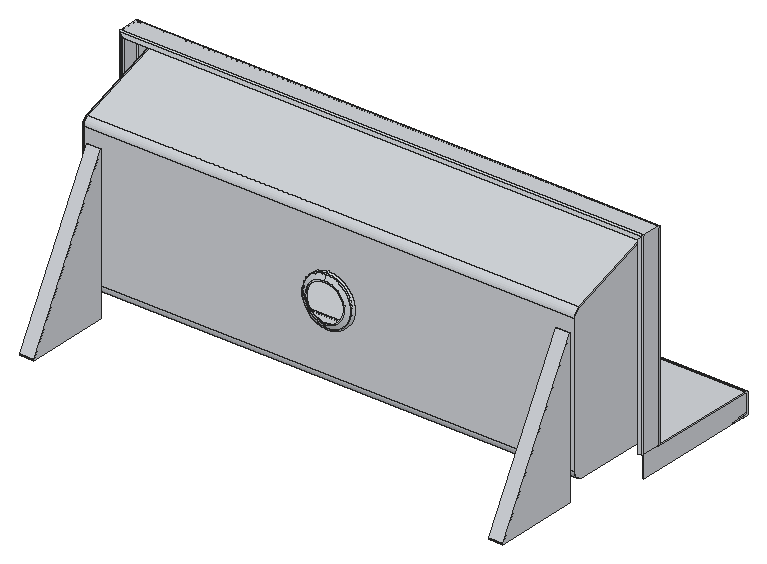
Revit family "Wall_Hung _Multiple_Station_Hand_Wash_Sink-Elkay-EWMA4820_2_4", category Plumbing Fixtures, host Face, Revit 2022
Family settings
  Host = Face
  Round Connector Dimension = Use Diameter
  Part Type = Normal
  OmniClass Number = 23.45.05.14.14
  OmniClass Title = Sinks/Lavatories
  Cut with Voids When Loaded = No
  Maintain Annotation Orientation = No
  Shared = No
  Room Calculation Point = No
Parameters (values of type "EWMA48202(Wall Hung Multiple Station 2-Hole Sink)")
  URL = "https://www.elkay.com/us/en.html"
  Sink Width = (Back splash width + Bowl Width + Front rim)  # 20.00"
  Sink Length = (Bowl length + Rim * 2)  # 48.00"
  Sink Dimensions = "48 inch x 20 inch x 18 inch"  # constant formula
  Sink Depth = 18.00"
  Rim = 1.50"
  Repair Parts URL = "https://www.elkayfiles.com/care-cleaning-install-warranty-sheets/2000000714.pdf"
  Product data URL = "https://www.bimobject.com/en/elkay/product/EWMA48202"
  Product Weight (lbs) = 75
  Product Page URL = "https://www.elkay.com/products/details/EWMA48202"
  Product Installation Sheet URL = "https://www.elkayfiles.com/care-cleaning-install-warranty-sheets/2000000714.pdf"
  Product Documentation Link = "https://www.elkayfiles.com/spec-sheets/ewma48202_spec.pdf"
  Outlet Connection Size (inch) = 1.50"
  No of Bowls = 1  # constant formula
  Modified Date = ""
  Model = "EWMA48202"
  Manufacturer Brand = "Elkay (by Zurn Elkay Water Solutions)"  # constant formula
  Manufacturer = "Elkay Manufacturer Company"  # constant formula
  Main Material = Finish-Elkay-Stainless Steel
  Installation type = "Wall Hung"  # constant formula
  Guage = "14"  # constant formula
  Front rim = 1.50"
  Drain Size = "3 1/2 inch"
  Drain Location along y-axis = 6.88"
  Drain Location along x-axis = 22.50"
  Drain Location = "Center"  # constant formula
  Distance b/w 2 Holes = 16.00"
  Description = "Stainless Steel 48 inch x 20 inch x 18 inch 2-Hole Wall Hung Multiple Station Hand Wash Sink"
  Default Elevation = 48.00"
  Date Created = "07-15-2025"  # constant formula
  CL of Hole = 3.50"
  C/C distance of holes = 32.00"
  Bowl Width = 16.50"
  Bowl length = 45.00"
  Bowl  Dimensions = "45 inch x 16 1/2 inch x 8 inch"  # constant formula
  Back splash width = 2.00"
  Back splash Height = 10.00"
  Assembly Code = "D2010400"
  Approx. Shipping Weight (lbs) = 76
  4 Holes = no
  2 Holes = yes
Types (3): name | Product data URL | Product Page URL | Product Documentation Link | Model | Drain Size | Description | 4 Holes
  (no name) | "https://www.bimobject.com/en/elkay/product/EWMA48202" | "https://www.elkay.com/products/details/EWMA48202" | "https://www.elkayfiles.com/spec-sheets/ewma48202_spec.pdf" | "EWMA48202" | "3 1/2 inch" | "Stainless Steel 48 inch x 20 inch x 18 inch 2-Hole Wall Hung Multiple Station Hand Wash Sink" | no
  EWMA48202(Wall Hung Multiple Station 2-Hole Sink) | "https://www.bimobject.com/en/elkay/product/EWMA48202" | "https://www.elkay.com/products/details/EWMA48202" | "https://www.elkayfiles.com/spec-sheets/ewma48202_spec.pdf" | "EWMA48202" | "3 1/2 inch" | "Stainless Steel 48 inch x 20 inch x 18 inch 2-Hole Wall Hung Multiple Station Hand Wash Sink" | no
  EWMA48204(Wall Hung Multiple Station 4-Hole Sink) | "https://www.bimobject.com/en/elkay/product/EWMA48204" | "https://www.elkay.com/products/details/EWMA48204" | "https://www.elkayfiles.com/spec-sheets/ewma48204_spec.pdf" | "EWMA48204" | "3 1/2" | "Stainless Steel 48 inch x 20 inch x 18 inch 4-Hole Wall Hung Multiple Station Hand Wash Sink" | yes
Reference planes (in)
  plane 1 "Center (Front/Back)": y = 0
  plane 2: z = 0
  plane 3 "Center (Left/Right)": x = 0
  plane 4: x = -24
  plane 5: x = 24
  plane 6: z = 20
  plane 7: y = 14.575
  plane 8: z = 8.88
  plane 9: z = 18.5
  plane 10: z = 2
  plane 11: x = -22.5
  plane 12: x = 22.5
Lines and regions (in)
  Masking region 1
    outline origin (0, 0, 0) x (1, 0, 0) y (0, 0, 1)
      loop
        line (-24, 20) -> (-24, 0) -> (24, 0) -> (24, 20) -> (-24, 20)
  Masking region 2, detail levels fine
    outline origin (0, 0, 0) x (1, 0, 0) y (0, 0, 1)
      loop
        line (-22.5, 18.5) -> (-22.5, 2) -> (22.5, 2) -> (22.5, 18.5) -> (-22.5, 18.5)
      loop
        circle (0, 8.88) r 1.75
Dimensions and locks (in)
  equal spacing: plane 5, plane 3 "Center (Left/Right)", plane 4
  "Back splash width": plane 10 to level
  "Bowl Width": plane 9 to plane 10
  plane 9 to plane 8 to plane 10 = 9.62", 6.88"
  equal spacing: plane 12, plane 3 "Center (Left/Right)", plane 11
  "Bowl length": plane 12 to plane 11
  "Drain Location along y-axis": plane 8 to plane 10
  "Front rim": plane 6 to plane 9
  "Rim": plane 11 to plane 4
  plane 12 to plane 5 = 1.50"
  aligned and locked: plane 2 to host face
  aligned and locked: level to host face
  aligned and locked: plane 3 "Center (Left/Right)" to nested 1
  aligned and locked: nested 1 to plane 8
  aligned and locked: plane 1 "Center (Front/Back)" to nested 1
  aligned and locked: Masking region 1 sketch curve to plane 6
  aligned and locked: plane 4 to Masking region 1 sketch curve
  aligned and locked: level to Masking region 1 sketch curve
  aligned and locked: Masking region 1 sketch curve to plane 5
  aligned and locked: Masking region 2 sketch curve to plane 9
  aligned and locked: plane 11 to Masking region 2 sketch curve
  aligned and locked: plane 10 to Masking region 2 sketch curve
  aligned and locked: Masking region 2 sketch curve to plane 12
  aligned and locked: plane 8 to Masking region 2 sketch curve
  aligned and locked: plane 3 "Center (Left/Right)" to Masking region 2 sketch curve
Automatic sketch dimensions
  host sketch curve to host sketch curve = 96.00"  (x2)
  radius of Masking region 2 sketch curve = 1.75"
Nested families (in)
  nested 1: "EWMA4820" at (0, -15.75, 10) x (1, 0, 0) z (0, 1, 0), Sink Length <- "Sink Length", Sink Width <- "Sink Width", Bowl length <- "Bowl length", Bowl Width <- "Bowl Width", Back splash width <- "Back splash width", Back splash Height <- "Back splash Height", CL of Hole <- "CL of Hole", Drain location along y axis <- "Drain Location along y-axis", Front rim <- "Front rim", c/c distance of holes <- "C/C distance of holes", distance between 2 holes <- "Distance b/w 2 Holes", Rim <- "Rim", Drain location along x axis <- "Drain Location along x-axis", 2 Holes <- "2 Holes", 4 Holes <- "4 Holes", Sink depth <- "Sink Depth", type "EWMA4820"
    with distance between 2 holes 16.00", c/c distance of holes 32.00", Stainless Steel Metal - Steel - Stainless - Chrome, Sink depth 18.00", Sink Width 20.00", Sink Length 48.00", Rim 1.50", Front rim 1.50", Drain location along y axis 6.88", Drain location along x axis 22.50", Center Hole no, CL of Hole 3.50", Bowl length 45.00", Bowl Width 16.50", Back splash width 2.00", Back splash Height 10.00", Angle for  Bowl 71.0296°, 4 Holes no, 2 Holes yes
Connectors (in)
  piping at (0, -8.3873, 8.88), diameter 1.5, driven by "Outlet Connection Size (inch)"
    settings: on nested 1, index 1, connector inside diameter 24", connector length 0.00", flow factor 0, pipe flow 0 GPM, pressure drop 0.00 psi, fitting loss kfactor 0, connector angle 0.00°, fixture units 0, engagement length 0.00", angle of deflection 0.00°, flow configuration 0, flow direction 2, fitting loss method 0, system type 16, joint type 0, gender type 0, connector reference index -1, connector utility 0, adjustable connector no, is connector primary yes, connector description "Sanitary Outlet"
Definition of nested family "EWMA4820"
  Parameters (values of type "EWMA4820")
    distance between 2 holes [instance] = 16.00"
    c/c distance of holes [instance] = 32.00"
    Sink depth [instance] = 18.00"
    Sink Width [instance] = 20.00"
    Sink Length [instance] = 48.00"
    Rim [instance] = 1.50"
    URL = ""
    Type Comments = ""
    Stainless Steel [instance] = none
    Model = ""
    Manufacturer = ""
    Main Material = none
    Front rim [instance] = 1.50"
    Drain location along y axis [instance] = 6.875"
    Drain location along x axis [instance] = 0.00"
    Description = ""
    Default Elevation = 48.00"
    Center Hole [instance] = yes
    CL of Hole [instance] = 3.50"
    Bowl length [instance] = 45.50"
    Bowl Width [instance] = 16.50"
    Back splash width [instance] = 2.00"
    Back splash Height [instance] = 10.00"
    Assembly Code = ""
    Angle for  Bowl [instance] = 71.0296°
    4 Holes [instance] = yes
    2 Holes [instance] = yes
  Reference planes (in)
    plane 1 "Center (Front/Back)": y = 0
    plane 2: z = 0
    plane 3 "Center (Left/Right)": x = 0
    plane 4: y = 10
    plane 5: y = -10
    plane 6: x = 24.25
    plane 7: x = -24.25
    plane 8: x = 22.75
    plane 9: x = -22.75
    plane 10: y = 8
    plane 11: y = -8.5
    plane 12: y = 1.125
    plane 13: z = 22.325
    plane 14: x = -8
    plane 15: x = 8
    plane 16: x = -16
    plane 17: x = 16
    plane 18: z = 15.75
    plane 19: z = 13.82508
    plane 20: z = 7.82508
    plane 21: y = 8.075
    plane 22: y = 9.9248
    plane 23: z = 7.75
    plane 24: x = -22.825
    plane 25: x = 22.825
    plane 26: z = 15.47493
    plane 27: z = 25.75
    plane 28: x = 21.125
    plane 29: x = 22.375
    plane 30: x = -21.125
    plane 31: x = -22.375
    plane 32: y = 9.944
    plane 33: y = 9.84375
    plane 34: y = 9.78775
    plane 35: z = 25.675
  Forms (in)
    Sweep 1, solid
      path origin (-75.79017, -58.88339, 6.13433) x (0, -1, 0) y (-1, 0, 0)
        loop
          line (-58.88339, -52.96517) -> (-58.88339, -98.54017)
      profile origin (-0.0375, 0, 6.13433) x (0, 1, 0) y (0, 0, 1)
        loop
          line (8.07503, 2.37874) -> (8.07503, 9.3406) -> (7.99983, 9.3406) -> (7.99983, 2.37874)
          arc (7.99983, 2.37874) -> (7.79837, 1.89238) -> (7.31201, 1.69092) r 0.68782
          line (7.31201, 1.69092) -> (-5.2474, 1.69092)
          arc (-5.2474, 1.69092) -> (-5.65648, 1.82191) -> (-5.91338, 2.16617) r 0.70426
          line (-5.91338, 2.16617) -> (-8.33993, 9.22268) -> (-8.5, 9.26557) -> (-8.5, 9.18772) -> (-8.39771, 9.16031) -> (-5.98431, 2.14179)
          arc (-5.98431, 2.14179) -> (-5.69994, 1.76072) -> (-5.24712, 1.61572) r 0.77955
          line (-5.24712, 1.61572) -> (7.31201, 1.61572)
          arc (7.31201, 1.61572) -> (7.85154, 1.83921) -> (8.07503, 2.37874) r 0.76302
    Extrusion 2, solid
      sketch origin (-143, -1.69145, 10.2287) x (0, 1, 0) y (0, 0, 1)
        loop
          line (9.76646, -1.71571) -> (9.76646, 5.11345) -> (-6.72173, 5.11345) -> (-4.28978, -1.96131)
          arc (-4.28978, -1.96131) -> (-4.01015, -2.33609) -> (-3.56483, -2.4787) r 0.76659
          line (-3.56483, -2.4787) -> (9.00346, -2.4787)
          arc (9.00346, -2.4787) -> (9.54298, -2.25522) -> (9.76646, -1.71571) r 0.76299
      from 165.825 to 165.75
    Extrusion 3, solid
      sketch origin (-143, 0.79105, 25.9002) x (0, 1, 0) y (0, 0, 1)
        loop
          line (9.01603, -0.1502) -> (7.40186, -0.1502)
          arc (7.40186, -0.1502) -> (7.26545, -0.2067) -> (7.20895, -0.34311) r 0.19291
          line (7.20895, -0.34311) -> (7.20895, -12.07511) -> (9.20895, -12.07511) -> (9.20895, -0.34311)
          arc (9.20895, -0.34311) -> (9.15244, -0.2067) -> (9.01603, -0.1502) r 0.19291
      from 167.175 to 167.25
    Extrusion 4, solid
      sketch origin (-120.425, 75.12404, 65.31929) x (0, 1, 0) y (0, 0, 1)
        loop
          arc (-66.93112, -39.56929) -> (-67.06753, -39.62579) -> (-67.12404, -39.7622) r 0.19291
          line (-67.12404, -39.7622) -> (-67.12404, -51.49421) -> (-65.12404, -51.49421) -> (-65.12404, -39.7622)
          arc (-65.12404, -39.7622) -> (-65.18054, -39.62579) -> (-65.31695, -39.56929) r 0.19291
          line (-65.31695, -39.56929) -> (-66.93112, -39.56929)
      from 96.175 to 96.25
    Sweep 5, solid
      path origin (-231.74357, -59.20895, 7.75) x (0, -1, 0) y (-1, 0, 0)
        loop
          circle (-60.33395, -231.74357) r 1.77165
      profile origin (-1.77165, 1.125, 7.75) x (-1, 0, 0) y (0, 0, 1)
        loop
          line (-0.05902, -0.3873) -> (-0.05902, -0.4623) -> (0.04084, -0.4623) -> (0.44666, -0.26519)
          arc (0.44666, -0.26519) -> (0.48011, -0.24138) -> (0.50392, -0.20793) r 0.12378
          line (0.50392, -0.20793) -> (0.61619, 0) -> (0.52493, 0) -> (0.44107, -0.17611)
          arc (0.44107, -0.17611) -> (0.43086, -0.19045) -> (0.41638, -0.20046) r 0.05087
          line (0.41638, -0.20046) -> (0.02314, -0.3873) -> (-0.05902, -0.3873)
    Sweep 6, solid
      path origin (-75.72893, -59.20895, 16.07957) x (0, -1, 0) y (-1, 0, 0)
        loop
          line (-67.20895, -99.97893) -> (-49.20895, -99.97893) -> (-49.20895, -51.47893) -> (-67.20895, -51.47893)
      profile origin (-24.25, -1, 16.07957) x (-1, 0, 0) y (0, 0, 1)
        loop
          line (0, -2.22038) -> (0, -0.50083)
          arc (0, -0.50083) -> (-0.06697, -0.36502) -> (-0.21548, -0.33548) r 0.17118
          line (-0.21548, -0.33548) -> (-1.5002, -0.67972) -> (-1.5002, -0.78278) -> (-1.425, -0.78278) -> (-1.425, -0.73742) -> (-0.19502, -0.40785)
          arc (-0.19502, -0.40785) -> (-0.11244, -0.42427) -> (-0.0752, -0.49979) r 0.09519
          line (-0.0752, -0.49979) -> (-0.0752, -2.20812)
          arc (-0.0752, -2.20812) -> (-0.09586, -2.269) -> (-0.14932, -2.30472) r 0.1
          line (-0.14932, -2.30472) -> (-0.4375, -2.38193) -> (-0.41809, -2.45438) -> (-0.11782, -2.37392)
          arc (-0.11782, -2.37392) -> (-0.03285, -2.31715) -> (0, -2.22038) r 0.15896
    Extrusion 7, solid
      sketch origin (-120.425, 75.12404, 65.31929) x (0, 1, 0) y (0, 0, 1)
        loop
          line (-79.12404, -57.56929) -> (-79.12404, -57.64429) -> (-65.19904, -65.31937) -> (-65.12404, -65.31937) -> (-65.12404, -57.56929) -> (-79.12404, -57.56929)
      from 142.8 to 141.55
    Extrusion 8, void
      sketch origin (-143, 0, 0) x (1, 0, 0) y (0, 1, 0)
        loop
          circle (143, 1.125) r 2.3
      from 7.75 to 8.15712
    Sweep 9, solid, detail levels coarse+medium
      path origin (12, 0, 0) x (1, 0, 0) y (0, 1, 0)
        loop
          line (12.25, 8.075) -> (12.25, -10) -> (-36.25, -10) -> (-36.25, 8.075)
      profile origin (-24.25, -0.9625, 0) x (-1, 0, 0) y (0, 0, 1)
        loop
          line (0, 15.75) -> (-1.5, 15.75) -> (-1.5, 13.82508) -> (0, 13.82508) -> (0, 15.75)
    Extrusion 10, solid
      sketch origin (143, -1.69145, 10.2287) x (0, 1, 0) y (0, 0, -1)
        loop
          arc (9.76646, 1.71571) -> (9.54298, 2.25522) -> (9.00346, 2.4787) r 0.76299
          line (9.00346, 2.4787) -> (-3.56179, 2.4787)
          arc (-3.56179, 2.4787) -> (-4.00961, 2.3353) -> (-4.29084, 1.95844) r 0.77095
          line (-4.29084, 1.95844) -> (-6.72259, -5.11345) -> (9.76646, -5.11345) -> (9.76646, 1.71571)
      from 165.825 to 165.75
    Extrusion 11, solid
      sketch origin (0, 6.80741, -14) x (0, -0.941743, 0.336334) y (0, -0.336334, -0.941743)
        loop
          line (10.54437, -38.44316) -> (12.06451, -37.90026)
          arc (12.06451, -37.90026) -> (12.17397, -37.80117) -> (12.1813, -37.6537) r 0.19291
          line (12.1813, -37.6537) -> (8.74566, -28.03386) -> (8.67503, -28.05908) -> (12.11067, -37.67893)
          arc (12.11067, -37.67893) -> (12.10627, -37.76903) -> (12.0394, -37.82959) r 0.11777
          line (12.0394, -37.82959) -> (10.54221, -38.3643)
          arc (10.54221, -38.3643) -> (10.4335, -38.35889) -> (10.36046, -38.2782) r 0.14221
          line (10.36046, -38.2782) -> (10.26436, -38.00913) -> (10.19354, -38.03442) -> (10.29781, -38.32637)
          arc (10.29781, -38.32637) -> (10.3969, -38.43583) -> (10.54437, -38.44316) r 0.19291
      from -24.25 to 24.25
    Extrusion 12, solid
      sketch origin (120.425, 75.12404, 65.31929) x (0, 1, 0) y (0, 0, -1)
        loop
          line (-79.12404, 57.56929) -> (-65.12404, 57.56929) -> (-65.12404, 65.31937) -> (-65.19904, 65.31937) -> (-79.12404, 57.64429) -> (-79.12404, 57.56929)
      from 142.8 to 141.55
    Extrusion 13, solid
      sketch origin (0, 6.05741, -14) x (0, -0.941743, 0.336334) y (0, -0.336334, -0.941743)
        loop
          line (9.07304, -36.96041) -> (9.0203, -36.97925) -> (9.26814, -37.67319)
          arc (9.26814, -37.67319) -> (9.31835, -37.74195) -> (9.3979, -37.77231) r 0.15001
          arc (9.3979, -37.77231) -> (9.45583, -37.79349) -> (9.49425, -37.84175) r 0.11404
          line (9.49425, -37.84175) -> (9.80354, -38.70775) -> (9.85627, -38.68891) -> (9.54651, -37.82157)
          arc (9.54651, -37.82157) -> (9.48926, -37.74856) -> (9.4022, -37.71647) r 0.17004
          arc (9.4022, -37.71647) -> (9.35235, -37.69745) -> (9.32088, -37.65435) r 0.09401
          line (9.32088, -37.65435) -> (9.07304, -36.96041)
      from -24.25 to 24.25
    Extrusion 14, void
      sketch origin (0, 0, 0) x (1, 0, 0) y (0, 0, 1)
        loop
          circle (16, 22.325) r 0.75
        loop
          circle (-16, 22.325) r 0.75
      from -8.075 to -8
    Extrusion 15, void
      sketch origin (8, 0, 0) x (1, 0, 0) y (0, 0, 1)
        loop
          circle (0, 22.325) r 0.75
        loop
          circle (-16, 22.325) r 0.75
      from -8.075 to -8
    Extrusion 16, void
      sketch origin (16, 0, 0) x (1, 0, 0) y (0, 0, 1)
        loop
          circle (-16, 22.325) r 0.75
      from -8.075 to -8
  Cuts and joins
    Extrusion 8 cuts Sweep 1
    Extrusion 14, Extrusion 15, Extrusion 16 cuts Extrusion 11
  Dimensions and locks (in)
    equal spacing: plane 4, plane 1 "Center (Front/Back)", plane 5
    equal spacing: plane 7, plane 3 "Center (Left/Right)", plane 6
    plane 3 "Center (Left/Right)" to plane 8 = 22.75"
    "Back splash width": plane 4 to plane 10
    "Front rim": plane 11 to plane 5
    "Drain location along y axis": plane 10 to plane 12
    "Rim": plane 7 to plane 9
    "Rim": plane 8 to plane 6
    "Bowl length": plane 9 to plane 8
    "Bowl Width": plane 10 to plane 11
    plane 7 to plane 6 = 48.50"
    plane 4 to plane 5 = 20.00"
    equal spacing: plane 15, plane 3 "Center (Left/Right)", plane 14
    equal spacing: plane 17, plane 15, plane 3 "Center (Left/Right)", plane 14, plane 16
    "c/c distance of holes": plane 17 to plane 16
    plane 18 to plane 19 = 1.92492"
    plane 18 to plane 20 = 7.92492"
    plane 20 to level = 7.82508"
    locked: plane 23 to plane 20 at 0.07508
    locked: plane 23 to Sweep 1 sketch curve at 0.77961
    locked: plane 23 to Sweep 1 sketch curve at 0.76307
    locked: plane 21 to Sweep 1 sketch curve at 0.76299
    locked: Sweep 1 sketch curve to plane 5 at 4.75288
    locked: plane 8 to plane 25 at 0.075
    plane 23 to Sweep 1 sketch curve = 7.6499"
    locked: plane 24 to plane 9 at 0.075
    locked: Extrusion 4 to Extrusion 4 at 0.075
    locked: Extrusion 3 to Extrusion 3 at 0.075
    locked: plane 31 to plane 30 at 1.25
    locked: plane 29 to plane 28 at 1.25
    locked: plane 7 to plane 30 at 3.125
    locked: plane 6 to plane 28 at 3.125
    locked: plane 4 to plane 22 at 0.0752
    locked: plane 21 to plane 10 at 0.075
    locked: plane 22 to Extrusion 11 sketch curve at 0.11772
    locked: Extrusion 11 sketch curve to plane 10 at 0.19291
    locked: plane 4 to plane 32 at 0.056
    locked: plane 33 to plane 34 at 0.056
    locked: plane 33 to plane 10 at 1.84375
    plane 23 to plane 18 = 8.00"
    plane 23 to level = 7.75"
    locked: Sweep 9 to Sweep 6 sketch curve at 2.12481
    "Sink depth": plane 27 to plane 23
    locked: plane 35 to plane 27 at 0.075
    "Back splash Height": plane 18 to plane 27
    locked: Extrusion 3 sketch curve to Extrusion 3 sketch curve (radius 0.19291")  (x2)
    locked: Extrusion 2 sketch curve to Extrusion 2 sketch curve (radius 0.76299")
    locked: Extrusion 10 sketch curve to Extrusion 10 sketch curve (radius 0.76299")
    "Angle for  Bowl": angle plane 23 to Extrusion 2 sketch curve
    aligned and locked: plane 2 to level
    aligned and locked: plane 1 "Center (Front/Back)" to Sweep 1 sketch curve
    aligned and locked: Sweep 5 sketch curve to profile plane
    aligned and locked: plane 7 to Sweep 9 sketch curve  (x2)
    aligned and locked: plane 6 to Sweep 9 sketch curve
    aligned and locked: plane 5 to Sweep 9 sketch curve
    aligned and locked: Sweep 9 sketch curve to plane 19
    aligned and locked: plane 18 to Sweep 9 sketch curve
    aligned and locked: Sweep 9 sketch curve to plane 9
    aligned and locked: plane 5 to Sweep 6 sketch curve
    aligned and locked: plane 11 to Sweep 1 sketch curve
    aligned and locked: Extrusion 2 sketch curve to plane 21
    aligned and locked: Extrusion 2 sketch curve to plane 23
    aligned and locked: plane 7 to Sweep 6 sketch curve
    aligned and locked: plane 6 to Sweep 6 sketch curve
    aligned and locked: plane 8 to Sweep 1 sketch curve
    aligned and locked: plane 24 to Sweep 1 sketch curve
    aligned and locked: Extrusion 10 to plane 24
    aligned and locked: plane 9 to Extrusion 10
    aligned and locked: Extrusion 10 sketch curve to plane 23
    aligned and locked: Extrusion 10 sketch curve to plane 21
    aligned and locked: Extrusion 10 sketch curve to Sweep 1
    aligned and locked: Extrusion 2 to plane 8
    aligned and locked: Extrusion 2 to plane 25
    aligned and locked: plane 10 to Extrusion 11 sketch curve
    aligned and locked: plane 21 to Extrusion 11 sketch curve
    aligned and locked: Extrusion 11 sketch curve to plane 22
    aligned and locked: Extrusion 11 sketch curve to plane 4
    aligned and locked: Extrusion 11 to plane 7
    aligned and locked: Extrusion 11 to plane 6
    aligned and locked: Extrusion 4 to plane 7
    aligned and locked: Extrusion 3 to plane 6
    aligned and locked: plane 26 to Sweep 1 sketch curve
    aligned and locked: plane 31 to Extrusion 12
    aligned and locked: Extrusion 12 to plane 30
    aligned and locked: plane 3 "Center (Left/Right)" to Extrusion 8 sketch curve
    aligned and locked: plane 12 to Extrusion 8 sketch curve
    aligned and locked: plane 3 "Center (Left/Right)" to Sweep 5 sketch curve
    aligned and locked: plane 12 to Sweep 5 sketch curve
    aligned and locked: Extrusion 7 to plane 28
    aligned and locked: plane 29 to Extrusion 7
    aligned and locked: Extrusion 13 to plane 7
    aligned and locked: Extrusion 13 to plane 6
    aligned and locked: plane 27 to Extrusion 13 sketch curve
    aligned and locked: plane 34 to Extrusion 13 sketch curve
    aligned and locked: Extrusion 13 sketch curve to plane 33
    aligned and locked: plane 13 to Extrusion 14 sketch curve  (x2)
    aligned and locked: plane 17 to Extrusion 14 sketch curve
    aligned and locked: plane 16 to Extrusion 14 sketch curve
    aligned and locked: plane 13 to Extrusion 15 sketch curve  (x2)
    aligned and locked: plane 14 to Extrusion 15 sketch curve
    aligned and locked: plane 15 to Extrusion 15 sketch curve
    aligned and locked: plane 13 to Extrusion 16 sketch curve
    aligned and locked: plane 3 "Center (Left/Right)" to Extrusion 16 sketch curve
    aligned and locked: Extrusion 16 to plane 21
    aligned and locked: Extrusion 16 to plane 10
    aligned and locked: Extrusion 14 to plane 21
    aligned and locked: Extrusion 14 to plane 10
    aligned and locked: Extrusion 15 to plane 21
    aligned and locked: Extrusion 15 to plane 10
    aligned and locked: plane 19 to Extrusion 4 sketch curve
    aligned and locked: plane 4 to Extrusion 4 sketch curve
    aligned and locked: Extrusion 4 sketch curve to plane 10
    aligned and locked: Extrusion 3 sketch curve to plane 4
    aligned and locked: plane 10 to Extrusion 3 sketch curve
    aligned and locked: Extrusion 3 sketch curve to plane 19
    aligned and locked: plane 27 to Extrusion 11 sketch curve
    aligned and locked: Extrusion 11 sketch curve to plane 35
    aligned and locked: Extrusion 4 sketch curve to plane 27
    aligned and locked: plane 27 to Extrusion 3 sketch curve
    aligned and locked: Sweep 1 sketch curve to Sweep 6  (x2)
    aligned and locked: Extrusion 10 sketch curve to Sweep 6
    aligned and locked: Extrusion 2 sketch curve to Extrusion 10
    aligned and locked: Extrusion 11 sketch curve to Extrusion 10
  Automatic sketch dimensions
    Sweep 1 sketch curve to Sweep 1 sketch curve = 0.00"  (x2)
    Sweep 1 sketch curve to Sweep 1 sketch curve = 0.05778"
    Sweep 1 sketch curve to Sweep 1 sketch curve = 0.07093"
    Sweep 1 sketch curve to Sweep 1 sketch curve = 0.00028"
    Sweep 1 sketch curve to Sweep 1 sketch curve = 0.0752"
    Sweep 1 sketch curve to Sweep 1 sketch curve = 0.02438"
    Sweep 1 sketch curve to Sweep 1 sketch curve = 0.02741"
    profile plane to Sweep 5 sketch curve = 0.05902"
    Sweep 5 sketch curve to profile plane = 0.02314"
    Sweep 5 sketch curve to profile plane = 0.04084"
    Sweep 5 sketch curve to profile plane = 0.15385"
    Sweep 5 sketch curve to profile plane = 0.39258"
    Sweep 5 sketch curve to Sweep 5 sketch curve = 0.00256"
    Sweep 5 sketch curve to profile plane = 0.20046"
    Sweep 5 sketch curve to Sweep 5 sketch curve = 0.02124"
    Sweep 5 sketch curve to profile plane = 0.17611"
    Sweep 5 sketch curve to Sweep 5 sketch curve = 0.02469"
    Sweep 5 sketch curve to Sweep 5 sketch curve = 0.03028"
    Sweep 5 sketch curve to profile plane = 0.20793"
    Sweep 5 sketch curve to Sweep 5 sketch curve = 0.06285"
    Sweep 5 sketch curve to Sweep 5 sketch curve = 0.08387"
    Sweep 5 sketch curve to Sweep 5 sketch curve = 0.09126"
    Sweep 5 sketch curve to profile plane = 0.3873"
    Sweep 5 sketch curve to Sweep 5 sketch curve = 0.075"
    Sweep 6 sketch curve to plane 10 = 0.00"  (x2)
    Sweep 6 sketch curve to profile plane = 0.00"
    profile plane to Sweep 6 sketch curve = 0.0752"
    profile plane to Sweep 6 sketch curve = 0.11782"
    Sweep 6 sketch curve to Sweep 6 sketch curve = 0.0315"
    Sweep 6 sketch curve to Sweep 6 sketch curve = 0.08376"
    Sweep 6 sketch curve to Sweep 6 sketch curve = 0.09519"
    Sweep 6 sketch curve to Sweep 6 sketch curve = 0.0008"
    Sweep 6 sketch curve to Sweep 6 sketch curve = 0.01624"
    Sweep 6 sketch curve to Sweep 6 sketch curve = 0.02464"
    Sweep 6 sketch curve to Sweep 6 sketch curve = 0.02046"
    Sweep 6 sketch curve to Sweep 6 sketch curve = 0.26877"
    Sweep 6 sketch curve to Sweep 6 sketch curve = 0.01941"
    Sweep 6 sketch curve to profile plane = 0.73742"
    Sweep 6 sketch curve to Sweep 6 sketch curve = 1.22998"
    Sweep 6 sketch curve to Sweep 6 sketch curve = 0.0752"
    Sweep 6 sketch curve to Sweep 6 sketch curve = 0.04536"
    Sweep 6 sketch curve to Sweep 6 sketch curve = 0.01226"
    Sweep 6 sketch curve to Sweep 6 sketch curve = 0.07722"
    Sweep 6 sketch curve to Sweep 6 sketch curve = 0.07244"
    Sweep 6 sketch curve to Sweep 6 sketch curve = 0.0577"
    Sweep 6 sketch curve to profile plane = 0.50083"
    Sweep 6 sketch curve to Sweep 6 sketch curve = 0.00104"
    plane 23 to Extrusion 7 sketch curve = 0.00"
    Extrusion 7 sketch curve to plane 4 = 0.00"
    Extrusion 7 sketch curve to level = 0.00008"
    plane 22 to Extrusion 7 sketch curve = 0.0002"
    plane 23 to Extrusion 7 sketch curve = 0.075"
    plane 1 "Center (Front/Back)" to Extrusion 7 sketch curve = 4.00"
    Sweep 9 sketch curve to plane 21 = 0.00"  (x2)
    plane 23 to Extrusion 12 sketch curve = 0.00"
    Extrusion 12 sketch curve to plane 4 = 0.00"
    Extrusion 12 sketch curve to level = 0.00008"
    plane 22 to Extrusion 12 sketch curve = 0.0002"
    plane 23 to Extrusion 12 sketch curve = 0.075"
    plane 1 "Center (Front/Back)" to Extrusion 12 sketch curve = 4.00"
    Extrusion 13 sketch curve to Extrusion 13 sketch curve = 0.00"  (x6)
    Extrusion 13 sketch curve to plane 4 = 0.00"  (x2)
    Extrusion 13 sketch curve to plane 32 = 0.00"
    Extrusion 13 sketch curve to Extrusion 13 sketch curve = 0.30976"
    Extrusion 13 sketch curve to Extrusion 13 sketch curve = 0.05226"
    Extrusion 13 sketch curve to Extrusion 13 sketch curve = 0.08484"
    Extrusion 13 sketch curve to Extrusion 13 sketch curve = 0.1051"
    Extrusion 13 sketch curve to Extrusion 13 sketch curve = 0.14127"
    Extrusion 13 sketch curve to Extrusion 13 sketch curve = 0.1951"
    Extrusion 13 sketch curve to Extrusion 13 sketch curve = 0.04426"
    Extrusion 13 sketch curve to Extrusion 13 sketch curve = 0.05045"
    Extrusion 13 sketch curve to Extrusion 13 sketch curve = 0.05274"
    Extrusion 4 sketch curve to plane 4 = 0.19291"
    plane 27 to Extrusion 4 sketch curve = 0.19291"
    plane 21 to Extrusion 4 sketch curve = 0.11791"
    Extrusion 11 sketch curve to Extrusion 11 sketch curve = 0.28594"
    Extrusion 11 sketch curve to Extrusion 11 sketch curve = 0.00216"
    Extrusion 11 sketch curve to Extrusion 11 sketch curve = 0.00018"
    Extrusion 11 sketch curve to Extrusion 11 sketch curve = 0.03959"
    Extrusion 11 sketch curve to Extrusion 11 sketch curve = 0.02511"
    Extrusion 11 sketch curve to Extrusion 11 sketch curve = 0.11104"
    Extrusion 11 sketch curve to Extrusion 11 sketch curve = 0.07063"
    Extrusion 10 sketch curve to plane 20 = 0.44518"
    Extrusion 2 sketch curve to plane 20 = 0.4423"
    plane 5 to Extrusion 2 sketch curve = 1.58682"
    radius of Sweep 5 sketch curve = 1.77165"
    radius of Extrusion 8 sketch curve = 2.30"
    radius of Extrusion 14 sketch curve = 0.75"  (x2)
    radius of Extrusion 15 sketch curve = 0.75"  (x2)
    radius of Extrusion 16 sketch curve = 0.75"
